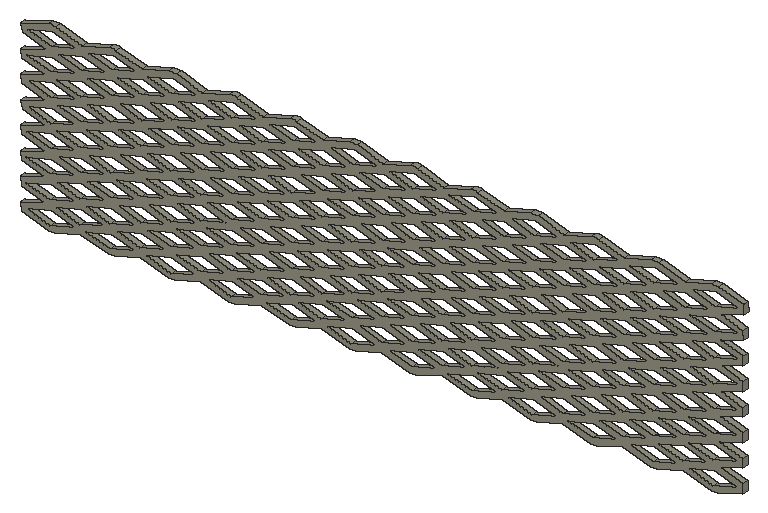
Revit family "Construction_Roof-Accessories_Alpine-SnowGuards_PP98-Ice-Screen", category Specialty Equipment, Revit 2019
Family settings
  Round Connector Dimension = Use Diameter
  Part Type = Normal
  OmniClass Number = 23.35.20.31.27.14
  OmniClass Title = Snow Guards
  Work Plane-Based = Yes
  Always vertical = No
  Cut with Voids When Loaded = No
  Shared = No
  Room Calculation Point = No
Parameters (values of type "PP98")
  URL = "https://www.alpinesnowguards.com/pipe-style-accessories-page?utm_source=bimobject&utm_medium=productlisting&utm_campaign=2022marketing"
  Product data url = "https://www.bimobject.com/alpine-snowguards/product/pipe-style-snow-guard-accessories"
  Product Material [instance] = Alpine SnowGuards - Aluminium - Mill Finish
  Product Guid = "61fc9796-3cde-4d78-8ab7-833e68d74063"
  Pipe Outside Diameter [instance] = 1"
  Model = "PP98"
  Manufacturer = "Alpine SnowGuards"  # constant formula
  Keynote = "07720"
  Edition number = 1
  Description = "Pipe Style Snow Guard Accessories- PP98 Ice Screen"  # constant formula
  Default Elevation = 48"
  Assembly Code = "B3010"
Reference planes (in)
  plane 1 "Center (Front/Back)": y = 0
  plane 2: z = 0
  plane 3 "Center (Left/Right)": x = 0
  plane 4: x = 36.63918
  plane 5: x = 18.31959
Forms (in)
  Extrusion 1, solid, material "Alpine SnowGuards - Aluminium - Mill Finish" <- "Product Material", detail levels fine
    sketch origin (0, 0, 0) x (1, 0, 0) y (0, 0, 1)
      loop
        line (-11.1362, 5.07605) -> (-11.9991, 4.80301) -> (-11.93813, 4.55164) -> (-11.13961, 4.31286) -> (-11.99782, 4.0413) -> (-11.94136, 3.7878) -> (-11.15169, 3.54967) -> (-11.96813, 3.29133) -> (-11.93039, 3.02732) -> (-11.16663, 2.79016) -> (-11.9991, 2.52675) -> (-11.94469, 2.26795) -> (-11.16717, 2.03062) -> (-11.9991, 1.76738) -> (-11.95362, 1.50804) -> (-11.17058, 1.26743) -> (-11.9991, 1.00527) -> (-11.95749, 0.74364) -> (-11.18266, 0.50424) -> (-11.9991, 0.2459) -> (-11.96136, -0.01811) -> (-11.06857, -0.28564) -> (-10.87122, -0.27567) -> (-9.99915, -0.02362) -> (-9.06857, -0.28564) -> (-8.87122, -0.27567) -> (-7.99915, -0.02362) -> (-7.06857, -0.28564) -> (-6.87122, -0.27567) -> (-5.99915, -0.02362) -> (-5.06857, -0.28564) -> (-4.87122, -0.27567) -> (-3.99915, -0.02362) -> (-3.06857, -0.28564) -> (-2.87122, -0.27567) -> (-1.99915, -0.02362) -> (-1.06857, -0.28564) -> (-0.87122, -0.27567) -> (0.00085, -0.02362) -> (0.93143, -0.28564) -> (1.12878, -0.27567) -> (2.00085, -0.02362) -> (2.93143, -0.28564) -> (3.12878, -0.27567) -> (4.00085, -0.02362) -> (4.93143, -0.28564) -> (5.12878, -0.27567) -> (6.00085, -0.02362) -> (6.93143, -0.28564) -> (7.12878, -0.27567) -> (8.00085, -0.02362) -> (8.93143, -0.28564) -> (9.12878, -0.27567) -> (10.00085, -0.02362) -> (10.93143, -0.28564) -> (11.12878, -0.27567) -> (11.96311, -0.01813) -> (11.96088, 0.26529) -> (11.1927, 0.50392) -> (11.96698, 0.74363) -> (11.96475, 1.02717) -> (11.19611, 1.26711) -> (11.97085, 1.50803) -> (11.96862, 1.79191) -> (11.20819, 2.0303) -> (11.97472, 2.26955) -> (11.9725, 2.55402) -> (11.22313, 2.78981) -> (11.97859, 3.02639) -> (11.97637, 3.31166) -> (11.22367, 3.54935) -> (11.98246, 3.78769) -> (11.98024, 4.07399) -> (11.22708, 4.31254) -> (11.98634, 4.55163) -> (11.98411, 4.8392) -> (11.23916, 5.07573) -> (11.99021, 5.31269) -> (11.98798, 5.60177) -> (11.18471, 5.85738)
        arc (11.18471, 5.85738) -> (11.05902, 5.87596) -> (10.93333, 5.85742) r 0.435
        line (10.93333, 5.85742) -> (10.03533, 5.602) -> (9.18471, 5.85738)
        arc (9.18471, 5.85738) -> (9.05902, 5.87596) -> (8.93333, 5.85742) r 0.435
        line (8.93333, 5.85742) -> (8.03533, 5.602) -> (7.18471, 5.85738)
        arc (7.18471, 5.85738) -> (7.05902, 5.87596) -> (6.93333, 5.85742) r 0.435
        line (6.93333, 5.85742) -> (6.03533, 5.602) -> (5.18471, 5.85738)
        arc (5.18471, 5.85738) -> (5.05902, 5.87596) -> (4.93333, 5.85742) r 0.435
        line (4.93333, 5.85742) -> (4.03533, 5.602) -> (3.18471, 5.85738)
        arc (3.18471, 5.85738) -> (3.05902, 5.87596) -> (2.93333, 5.85742) r 0.435
        line (2.93333, 5.85742) -> (2.03533, 5.602) -> (1.18471, 5.85738)
        arc (1.18471, 5.85738) -> (1.05902, 5.87596) -> (0.93333, 5.85742) r 0.435
        line (0.93333, 5.85742) -> (0.03533, 5.602) -> (-0.81529, 5.85738)
        arc (-0.81529, 5.85738) -> (-0.94098, 5.87596) -> (-1.06667, 5.85742) r 0.435
        line (-1.06667, 5.85742) -> (-1.96467, 5.602) -> (-2.81529, 5.85738)
        arc (-2.81529, 5.85738) -> (-2.94098, 5.87596) -> (-3.06667, 5.85742) r 0.435
        line (-3.06667, 5.85742) -> (-3.96467, 5.602) -> (-4.81529, 5.85738)
        arc (-4.81529, 5.85738) -> (-4.94098, 5.87596) -> (-5.06667, 5.85742) r 0.435
        line (-5.06667, 5.85742) -> (-5.96467, 5.602) -> (-6.81529, 5.85738)
        arc (-6.81529, 5.85738) -> (-6.94098, 5.87596) -> (-7.06667, 5.85742) r 0.435
        line (-7.06667, 5.85742) -> (-7.96467, 5.602) -> (-8.81529, 5.85738)
        arc (-8.81529, 5.85738) -> (-8.94098, 5.87596) -> (-9.06667, 5.85742) r 0.435
        line (-9.06667, 5.85742) -> (-9.96467, 5.602) -> (-10.81529, 5.85738)
        arc (-10.81529, 5.85738) -> (-10.94098, 5.87596) -> (-11.06667, 5.85742) r 0.435
        line (-11.06667, 5.85742) -> (-11.9991, 5.56238) -> (-11.9292, 5.31109) -> (-11.1362, 5.07605)
      loop
        line (-10.94108, 5.69496) -> (-11.76972, 5.45665) -> (-10.96854, 5.21704) -> (-10.11958, 5.45694) -> (-10.94108, 5.69496)
      loop
        line (-8.94108, 5.69496) -> (-9.76972, 5.45665) -> (-8.96854, 5.21704) -> (-8.11958, 5.45694) -> (-8.94108, 5.69496)
      loop
        line (-6.94108, 5.69496) -> (-7.76972, 5.45665) -> (-6.96854, 5.21704) -> (-6.11958, 5.45694) -> (-6.94108, 5.69496)
      loop
        line (-5.76972, 5.45665) -> (-4.96854, 5.21704) -> (-4.11958, 5.45694) -> (-4.94108, 5.69496) -> (-5.76972, 5.45665)
      loop
        line (-2.94108, 5.69496) -> (-3.76972, 5.45665) -> (-2.96854, 5.21704) -> (-2.11958, 5.45694) -> (-2.94108, 5.69496)
      loop
        line (-1.76972, 5.45665) -> (-0.96854, 5.21704) -> (-0.11958, 5.45694) -> (-0.94108, 5.69496) -> (-1.76972, 5.45665)
      loop
        line (0.23028, 5.45665) -> (1.03146, 5.21704) -> (1.88042, 5.45694) -> (1.05892, 5.69496) -> (0.23028, 5.45665)
      loop
        line (3.05892, 5.69496) -> (2.23028, 5.45665) -> (3.03146, 5.21704) -> (3.88042, 5.45694) -> (3.05892, 5.69496)
      loop
        line (4.23028, 5.45665) -> (5.03146, 5.21704) -> (5.88042, 5.45694) -> (5.05892, 5.69496) -> (4.23028, 5.45665)
      loop
        line (6.23028, 5.45665) -> (7.03146, 5.21704) -> (7.88042, 5.45694) -> (7.05892, 5.69496) -> (6.23028, 5.45665)
      loop
        line (8.23028, 5.45665) -> (9.03146, 5.21704) -> (9.88042, 5.45694) -> (9.05892, 5.69496) -> (8.23028, 5.45665)
      loop
        line (10.23028, 5.45665) -> (11.03146, 5.21704) -> (11.88042, 5.45694) -> (11.05892, 5.69496) -> (10.23028, 5.45665)
      loop
        line (11.05118, 4.93315) -> (10.22254, 4.69484) -> (11.02372, 4.45523) -> (11.87268, 4.69513) -> (11.05118, 4.93315)
      loop
        line (9.23916, 5.07573) -> (10.02759, 4.84019) -> (10.8638, 5.07605) -> (10.05505, 5.31001) -> (9.23916, 5.07573)
      loop
        line (8.05505, 5.31001) -> (7.23916, 5.07573) -> (8.02759, 4.84019) -> (8.8638, 5.07605) -> (8.05505, 5.31001)
      loop
        line (6.05505, 5.31001) -> (5.23916, 5.07573) -> (6.02759, 4.84019) -> (6.8638, 5.07605) -> (6.05505, 5.31001)
      loop
        line (4.05505, 5.31001) -> (3.23916, 5.07573) -> (4.02759, 4.84019) -> (4.8638, 5.07605) -> (4.05505, 5.31001)
      loop
        line (1.23916, 5.07573) -> (2.02759, 4.84019) -> (2.8638, 5.07605) -> (2.05505, 5.31001) -> (1.23916, 5.07573)
      loop
        line (0.05505, 5.31001) -> (-0.76084, 5.07573) -> (0.02759, 4.84019) -> (0.8638, 5.07605) -> (0.05505, 5.31001)
      loop
        line (-1.94495, 5.31001) -> (-2.76084, 5.07573) -> (-1.97241, 4.84019) -> (-1.1362, 5.07605) -> (-1.94495, 5.31001)
      loop
        line (-3.94495, 5.31001) -> (-4.76084, 5.07573) -> (-3.97241, 4.84019) -> (-3.1362, 5.07605) -> (-3.94495, 5.31001)
      loop
        line (-5.94495, 5.31001) -> (-6.76084, 5.07573) -> (-5.97241, 4.84019) -> (-5.1362, 5.07605) -> (-5.94495, 5.31001)
      loop
        line (-7.94495, 5.31001) -> (-8.76084, 5.07573) -> (-7.97241, 4.84019) -> (-7.1362, 5.07605) -> (-7.94495, 5.31001)
      loop
        line (-9.94495, 5.31001) -> (-10.76084, 5.07573) -> (-9.97241, 4.84019) -> (-9.1362, 5.07605) -> (-9.94495, 5.31001)
      loop
        line (-10.94882, 4.93315) -> (-11.77746, 4.69484) -> (-10.97628, 4.45523) -> (-10.12732, 4.69513) -> (-10.94882, 4.93315)
      loop
        line (-9.95269, 4.54819) -> (-10.77292, 4.31254) -> (-9.98015, 4.07562) -> (-9.13961, 4.31286) -> (-9.95269, 4.54819)
      loop
        line (-9.77746, 4.69484) -> (-8.97628, 4.45523) -> (-8.12732, 4.69513) -> (-8.94882, 4.93315) -> (-9.77746, 4.69484)
      loop
        line (-8.77292, 4.31254) -> (-7.98015, 4.07562) -> (-7.13961, 4.31286) -> (-7.95269, 4.54819) -> (-8.77292, 4.31254)
      loop
        line (-6.12732, 4.69513) -> (-6.94882, 4.93315) -> (-7.77746, 4.69484) -> (-6.97628, 4.45523) -> (-6.12732, 4.69513)
      loop
        line (-4.97628, 4.45523) -> (-4.12732, 4.69513) -> (-4.94882, 4.93315) -> (-5.77746, 4.69484) -> (-4.97628, 4.45523)
      loop
        line (-2.97628, 4.45523) -> (-2.12732, 4.69513) -> (-2.94882, 4.93315) -> (-3.77746, 4.69484) -> (-2.97628, 4.45523)
      loop
        line (-3.98015, 4.07562) -> (-3.13961, 4.31286) -> (-3.95269, 4.54819) -> (-4.77292, 4.31254) -> (-3.98015, 4.07562)
      loop
        line (-5.7852, 3.93027) -> (-4.98402, 3.69066) -> (-4.13507, 3.93056) -> (-4.95656, 4.16858) -> (-5.7852, 3.93027)
      loop
        line (-5.13961, 4.31286) -> (-5.95269, 4.54819) -> (-6.77292, 4.31254) -> (-5.98015, 4.07562) -> (-5.13961, 4.31286)
      loop
        line (-6.95656, 4.16858) -> (-7.7852, 3.93027) -> (-6.98402, 3.69066) -> (-6.13507, 3.93056) -> (-6.95656, 4.16858)
      loop
        line (-8.95656, 4.16858) -> (-9.7852, 3.93027) -> (-8.98402, 3.69066) -> (-8.13507, 3.93056) -> (-8.95656, 4.16858)
      loop
        line (-10.13507, 3.93056) -> (-10.95656, 4.16858) -> (-11.7852, 3.93027) -> (-10.98402, 3.69066) -> (-10.13507, 3.93056)
      loop
        line (-9.9879, 3.31381) -> (-9.15169, 3.54967) -> (-9.96043, 3.78363) -> (-10.77633, 3.54935) -> (-9.9879, 3.31381)
      loop
        line (-10.14281, 3.16875) -> (-10.96431, 3.40677) -> (-11.79295, 3.16846) -> (-10.99177, 2.92885) -> (-10.14281, 3.16875)
      loop
        line (-9.16663, 2.79016) -> (-9.96818, 3.02181) -> (-10.77687, 2.78981) -> (-9.99564, 2.55657) -> (-9.16663, 2.79016)
      loop
        line (-8.14281, 3.16875) -> (-8.96431, 3.40677) -> (-9.79295, 3.16846) -> (-8.99177, 2.92885) -> (-8.14281, 3.16875)
      loop
        line (-7.15169, 3.54967) -> (-7.96043, 3.78363) -> (-8.77633, 3.54935) -> (-7.9879, 3.31381) -> (-7.15169, 3.54967)
      loop
        line (-5.9879, 3.31381) -> (-5.15169, 3.54967) -> (-5.96043, 3.78363) -> (-6.77633, 3.54935) -> (-5.9879, 3.31381)
      loop
        line (-6.14281, 3.16875) -> (-6.96431, 3.40677) -> (-7.79295, 3.16846) -> (-6.99177, 2.92885) -> (-6.14281, 3.16875)
      loop
        line (-8.77687, 2.78981) -> (-7.99564, 2.55657) -> (-7.16663, 2.79016) -> (-7.96818, 3.02181) -> (-8.77687, 2.78981)
      loop
        line (-8.97205, 2.64953) -> (-9.80069, 2.41122) -> (-8.99951, 2.17161) -> (-8.15055, 2.41151) -> (-8.97205, 2.64953)
      loop
        line (-10.79181, 2.0303) -> (-10.00338, 1.79476) -> (-9.16717, 2.03062) -> (-9.97592, 2.26457) -> (-10.79181, 2.0303)
      loop
        line (-10.15055, 2.41151) -> (-10.97205, 2.64953) -> (-11.80069, 2.41122) -> (-10.99951, 2.17161) -> (-10.15055, 2.41151)
      loop
        line (-10.1583, 1.6497) -> (-10.97979, 1.88772) -> (-11.80843, 1.64941) -> (-11.00725, 1.4098) -> (-10.1583, 1.6497)
      loop
        line (-10.98754, 1.12315) -> (-11.81618, 0.88484) -> (-11.015, 0.64523) -> (-10.16604, 0.88513) -> (-10.98754, 1.12315)
      loop
        line (-9.17058, 1.26743) -> (-9.98366, 1.50276) -> (-10.80389, 1.26711) -> (-10.01113, 1.03019) -> (-9.17058, 1.26743)
      loop
        line (-9.015, 0.64523) -> (-8.16604, 0.88513) -> (-8.98754, 1.12315) -> (-9.81618, 0.88484) -> (-9.015, 0.64523)
      loop
        line (-9.18266, 0.50424) -> (-9.99141, 0.73819) -> (-10.8073, 0.50392) -> (-10.01887, 0.26838) -> (-9.18266, 0.50424)
      loop
        line (-10.99528, 0.36134) -> (-11.82392, 0.12303) -> (-11.02274, -0.11658) -> (-10.17378, 0.12332) -> (-10.99528, 0.36134)
      loop
        line (-8.99528, 0.36134) -> (-9.82392, 0.12303) -> (-9.02274, -0.11658) -> (-8.17378, 0.12332) -> (-8.99528, 0.36134)
      loop
        line (-7.18266, 0.50424) -> (-7.99141, 0.73819) -> (-8.8073, 0.50392) -> (-8.01887, 0.26838) -> (-7.18266, 0.50424)
      loop
        line (-6.16604, 0.88513) -> (-6.98754, 1.12315) -> (-7.81618, 0.88484) -> (-7.015, 0.64523) -> (-6.16604, 0.88513)
      loop
        line (-7.17058, 1.26743) -> (-7.98366, 1.50276) -> (-8.80389, 1.26711) -> (-8.01113, 1.03019) -> (-7.17058, 1.26743)
      loop
        line (-8.97979, 1.88772) -> (-9.80843, 1.64941) -> (-9.00725, 1.4098) -> (-8.1583, 1.6497) -> (-8.97979, 1.88772)
      loop
        line (-7.97592, 2.26457) -> (-8.79181, 2.0303) -> (-8.00338, 1.79476) -> (-7.16717, 2.03062) -> (-7.97592, 2.26457)
      loop
        line (-6.15055, 2.41151) -> (-6.97205, 2.64953) -> (-7.80069, 2.41122) -> (-6.99951, 2.17161) -> (-6.15055, 2.41151)
      loop
        line (-5.16663, 2.79016) -> (-5.96818, 3.02181) -> (-6.77687, 2.78981) -> (-5.99564, 2.55657) -> (-5.16663, 2.79016)
      loop
        line (-4.97979, 1.88772) -> (-5.80843, 1.64941) -> (-5.00725, 1.4098) -> (-4.1583, 1.6497) -> (-4.97979, 1.88772)
      loop
        line (-5.16717, 2.03062) -> (-5.97592, 2.26457) -> (-6.79181, 2.0303) -> (-6.00338, 1.79476) -> (-5.16717, 2.03062)
      loop
        line (-6.97979, 1.88772) -> (-7.80843, 1.64941) -> (-7.00725, 1.4098) -> (-6.1583, 1.6497) -> (-6.97979, 1.88772)
      loop
        line (-5.98366, 1.50276) -> (-6.80389, 1.26711) -> (-6.01113, 1.03019) -> (-5.17058, 1.26743) -> (-5.98366, 1.50276)
      loop
        line (-6.8073, 0.50392) -> (-6.01887, 0.26838) -> (-5.18266, 0.50424) -> (-5.99141, 0.73819) -> (-6.8073, 0.50392)
      loop
        line (-7.82392, 0.12303) -> (-7.00278, -0.13899) -> (-6.17378, 0.12332) -> (-6.99528, 0.36134) -> (-7.82392, 0.12303)
      loop
        line (-4.99528, 0.36134) -> (-5.82392, 0.12303) -> (-5.02274, -0.11658) -> (-4.17378, 0.12332) -> (-4.99528, 0.36134)
      loop
        line (-4.8073, 0.50392) -> (-4.01887, 0.26838) -> (-3.18266, 0.50424) -> (-3.99141, 0.73819) -> (-4.8073, 0.50392)
      loop
        line (-5.81618, 0.88484) -> (-5.015, 0.64523) -> (-4.16604, 0.88513) -> (-4.98754, 1.12315) -> (-5.81618, 0.88484)
      loop
        line (-5.79295, 3.16846) -> (-4.99177, 2.92885) -> (-4.14281, 3.16875) -> (-4.96431, 3.40677) -> (-5.79295, 3.16846)
      loop
        line (-5.80069, 2.41122) -> (-4.99951, 2.17161) -> (-4.15055, 2.41151) -> (-4.97205, 2.64953) -> (-5.80069, 2.41122)
      loop
        line (-4.79181, 2.0303) -> (-4.00338, 1.79476) -> (-3.16717, 2.03062) -> (-3.97592, 2.26457) -> (-4.79181, 2.0303)
      loop
        line (-4.80389, 1.26711) -> (-4.01113, 1.03019) -> (-3.17058, 1.26743) -> (-3.98366, 1.50276) -> (-4.80389, 1.26711)
      loop
        line (-3.81618, 0.88484) -> (-3.015, 0.64523) -> (-2.16604, 0.88513) -> (-2.98754, 1.12315) -> (-3.81618, 0.88484)
      loop
        line (-3.82392, 0.12303) -> (-3.02274, -0.11658) -> (-2.17378, 0.12332) -> (-2.99528, 0.36134) -> (-3.82392, 0.12303)
      loop
        line (-1.18266, 0.50424) -> (-1.99141, 0.73819) -> (-2.8073, 0.50392) -> (-2.01887, 0.26838) -> (-1.18266, 0.50424)
      loop
        line (-1.82392, 0.12303) -> (-1.02274, -0.11658) -> (-0.17378, 0.12332) -> (-0.99528, 0.36134) -> (-1.82392, 0.12303)
      loop
        line (-0.16604, 0.88513) -> (-0.98754, 1.12315) -> (-1.81618, 0.88484) -> (-1.015, 0.64523) -> (-0.16604, 0.88513)
      loop
        line (-1.17058, 1.26743) -> (-1.98366, 1.50276) -> (-2.80389, 1.26711) -> (-2.01113, 1.03019) -> (-1.17058, 1.26743)
      loop
        line (-2.1583, 1.6497) -> (-2.97979, 1.88772) -> (-3.80843, 1.64941) -> (-3.00725, 1.4098) -> (-2.1583, 1.6497)
      loop
        line (-1.16717, 2.03062) -> (-1.97592, 2.26457) -> (-2.79181, 2.0303) -> (-2.00338, 1.79476) -> (-1.16717, 2.03062)
      loop
        line (-2.15055, 2.41151) -> (-2.97205, 2.64953) -> (-3.80069, 2.41122) -> (-2.99951, 2.17161) -> (-2.15055, 2.41151)
      loop
        line (-3.16663, 2.79016) -> (-3.96818, 3.02181) -> (-4.77687, 2.78981) -> (-3.99564, 2.55657) -> (-3.16663, 2.79016)
      loop
        line (-3.15169, 3.54967) -> (-3.96043, 3.78363) -> (-4.77633, 3.54935) -> (-3.9879, 3.31381) -> (-3.15169, 3.54967)
      loop
        line (-2.13507, 3.93056) -> (-2.95656, 4.16858) -> (-3.7852, 3.93027) -> (-2.98402, 3.69066) -> (-2.13507, 3.93056)
      loop
        line (-3.79295, 3.16846) -> (-2.99177, 2.92885) -> (-2.14281, 3.16875) -> (-2.96431, 3.40677) -> (-3.79295, 3.16846)
      loop
        line (-1.13961, 4.31286) -> (-1.95269, 4.54819) -> (-2.77292, 4.31254) -> (-1.98015, 4.07562) -> (-1.13961, 4.31286)
      loop
        line (-1.96043, 3.78363) -> (-2.77633, 3.54935) -> (-1.9879, 3.31381) -> (-1.15169, 3.54967) -> (-1.96043, 3.78363)
      loop
        line (-2.77687, 2.78981) -> (-1.99564, 2.55657) -> (-1.16663, 2.79016) -> (-1.96818, 3.02181) -> (-2.77687, 2.78981)
      loop
        line (-0.15055, 2.41151) -> (-0.97205, 2.64953) -> (-1.80069, 2.41122) -> (-0.99951, 2.17161) -> (-0.15055, 2.41151)
      loop
        line (-0.14281, 3.16875) -> (-0.96431, 3.40677) -> (-1.79295, 3.16846) -> (-0.99177, 2.92885) -> (-0.14281, 3.16875)
      loop
        line (-0.13507, 3.93056) -> (-0.95656, 4.16858) -> (-1.7852, 3.93027) -> (-0.98402, 3.69066) -> (-0.13507, 3.93056)
      loop
        line (-0.12732, 4.69513) -> (-0.94882, 4.93315) -> (-1.77746, 4.69484) -> (-0.97628, 4.45523) -> (-0.12732, 4.69513)
      loop
        line (0.86039, 4.31286) -> (0.04731, 4.54819) -> (-0.77292, 4.31254) -> (0.01985, 4.07562) -> (0.86039, 4.31286)
      loop
        line (0.84831, 3.54967) -> (0.03957, 3.78363) -> (-0.77633, 3.54935) -> (0.0121, 3.31381) -> (0.84831, 3.54967)
      loop
        line (0.83337, 2.79016) -> (0.03182, 3.02181) -> (-0.77687, 2.78981) -> (0.00436, 2.55657) -> (0.83337, 2.79016)
      loop
        line (0.02408, 2.26457) -> (-0.79181, 2.0303) -> (-0.00338, 1.79476) -> (0.83283, 2.03062) -> (0.02408, 2.26457)
      loop
        line (-0.1583, 1.6497) -> (-0.97979, 1.88772) -> (-1.80843, 1.64941) -> (-1.00725, 1.4098) -> (-0.1583, 1.6497)
      loop
        line (0.82942, 1.26743) -> (0.01634, 1.50276) -> (-0.80389, 1.26711) -> (-0.01113, 1.03019) -> (0.82942, 1.26743)
      loop
        line (0.00859, 0.73819) -> (-0.8073, 0.50392) -> (-0.01887, 0.26838) -> (0.81734, 0.50424) -> (0.00859, 0.73819)
      loop
        line (1.83396, 0.88513) -> (1.01246, 1.12315) -> (0.18382, 0.88484) -> (0.985, 0.64523) -> (1.83396, 0.88513)
      loop
        line (1.00472, 0.36134) -> (0.17608, 0.12303) -> (0.97726, -0.11658) -> (1.82622, 0.12332) -> (1.00472, 0.36134)
      loop
        line (1.8417, 1.6497) -> (1.02021, 1.88772) -> (0.19157, 1.64941) -> (0.99275, 1.4098) -> (1.8417, 1.6497)
      loop
        line (1.84945, 2.41151) -> (1.02795, 2.64953) -> (0.19931, 2.41122) -> (1.00049, 2.17161) -> (1.84945, 2.41151)
      loop
        line (1.85719, 3.16875) -> (1.03569, 3.40677) -> (0.20705, 3.16846) -> (1.00823, 2.92885) -> (1.85719, 3.16875)
      loop
        line (1.86493, 3.93056) -> (1.04344, 4.16858) -> (0.2148, 3.93027) -> (1.01598, 3.69066) -> (1.86493, 3.93056)
      loop
        line (1.87268, 4.69513) -> (1.05118, 4.93315) -> (0.22254, 4.69484) -> (1.02372, 4.45523) -> (1.87268, 4.69513)
      loop
        line (2.04731, 4.54819) -> (1.22708, 4.31254) -> (2.01985, 4.07562) -> (2.86039, 4.31286) -> (2.04731, 4.54819)
      loop
        line (3.87268, 4.69513) -> (3.05118, 4.93315) -> (2.22254, 4.69484) -> (3.02372, 4.45523) -> (3.87268, 4.69513)
      loop
        line (3.04344, 4.16858) -> (2.2148, 3.93027) -> (3.01598, 3.69066) -> (3.86493, 3.93056) -> (3.04344, 4.16858)
      loop
        line (2.84831, 3.54967) -> (2.03993, 3.80763) -> (1.22367, 3.54935) -> (2.0121, 3.31381) -> (2.84831, 3.54967)
      loop
        line (1.22313, 2.78981) -> (2.00436, 2.55657) -> (2.83337, 2.79016) -> (2.03182, 3.02181) -> (1.22313, 2.78981)
      loop
        line (3.85719, 3.16875) -> (3.03569, 3.40677) -> (2.20705, 3.16846) -> (3.00823, 2.92885) -> (3.85719, 3.16875)
      loop
        line (3.02795, 2.64953) -> (2.19931, 2.41122) -> (3.00049, 2.17161) -> (3.84945, 2.41151) -> (3.02795, 2.64953)
      loop
        line (2.83283, 2.03062) -> (2.02444, 2.28858) -> (1.20819, 2.0303) -> (1.99662, 1.79476) -> (2.83283, 2.03062)
      loop
        line (2.82942, 1.26743) -> (2.01634, 1.50276) -> (1.19611, 1.26711) -> (1.98887, 1.03019) -> (2.82942, 1.26743)
      loop
        line (3.8417, 1.6497) -> (3.02021, 1.88772) -> (2.19157, 1.64941) -> (2.99275, 1.4098) -> (3.8417, 1.6497)
      loop
        line (2.81734, 0.50424) -> (2.00859, 0.73819) -> (1.1927, 0.50392) -> (1.98113, 0.26838) -> (2.81734, 0.50424)
      loop
        line (3.82622, 0.12332) -> (3.00472, 0.36134) -> (2.17608, 0.12303) -> (2.97726, -0.11658) -> (3.82622, 0.12332)
      loop
        line (3.83396, 0.88513) -> (3.01246, 1.12315) -> (2.18382, 0.88484) -> (2.985, 0.64523) -> (3.83396, 0.88513)
      loop
        line (4.81734, 0.50424) -> (4.00859, 0.73819) -> (3.1927, 0.50392) -> (3.98113, 0.26838) -> (4.81734, 0.50424)
      loop
        line (5.00472, 0.36134) -> (4.17608, 0.12303) -> (4.97726, -0.11658) -> (5.82622, 0.12332) -> (5.00472, 0.36134)
      loop
        line (5.83396, 0.88513) -> (5.01246, 1.12315) -> (4.18382, 0.88484) -> (4.985, 0.64523) -> (5.83396, 0.88513)
      loop
        line (4.82942, 1.26743) -> (4.01634, 1.50276) -> (3.19611, 1.26711) -> (3.98887, 1.03019) -> (4.82942, 1.26743)
      loop
        line (5.8417, 1.6497) -> (5.02021, 1.88772) -> (4.19157, 1.64941) -> (4.99275, 1.4098) -> (5.8417, 1.6497)
      loop
        line (4.83283, 2.03062) -> (4.02408, 2.26457) -> (3.20819, 2.0303) -> (3.99662, 1.79476) -> (4.83283, 2.03062)
      loop
        line (5.84945, 2.41151) -> (5.02795, 2.64953) -> (4.19931, 2.41122) -> (5.00049, 2.17161) -> (5.84945, 2.41151)
      loop
        line (4.83337, 2.79016) -> (4.03182, 3.02181) -> (3.22313, 2.78981) -> (4.00436, 2.55657) -> (4.83337, 2.79016)
      loop
        line (4.84831, 3.54967) -> (4.03957, 3.78363) -> (3.22367, 3.54935) -> (4.0121, 3.31381) -> (4.84831, 3.54967)
      loop
        line (4.86039, 4.31286) -> (4.04731, 4.54819) -> (3.22708, 4.31254) -> (4.01985, 4.07562) -> (4.86039, 4.31286)
      loop
        line (5.87268, 4.69513) -> (5.05118, 4.93315) -> (4.22254, 4.69484) -> (5.02372, 4.45523) -> (5.87268, 4.69513)
      loop
        line (5.86493, 3.93056) -> (5.04344, 4.16858) -> (4.2148, 3.93027) -> (5.01598, 3.69066) -> (5.86493, 3.93056)
      loop
        line (5.85719, 3.16875) -> (5.03569, 3.40677) -> (4.20705, 3.16846) -> (5.00823, 2.92885) -> (5.85719, 3.16875)
      loop
        line (6.84831, 3.54967) -> (6.03957, 3.78363) -> (5.22367, 3.54935) -> (6.0121, 3.31381) -> (6.84831, 3.54967)
      loop
        line (6.83337, 2.79016) -> (6.03182, 3.02181) -> (5.22313, 2.78981) -> (6.00436, 2.55657) -> (6.83337, 2.79016)
      loop
        line (6.83283, 2.03062) -> (6.02408, 2.26457) -> (5.20819, 2.0303) -> (5.99662, 1.79476) -> (6.83283, 2.03062)
      loop
        line (6.82942, 1.26743) -> (6.01634, 1.50276) -> (5.19611, 1.26711) -> (5.98887, 1.03019) -> (6.82942, 1.26743)
      loop
        line (6.81734, 0.50424) -> (6.00859, 0.73819) -> (5.1927, 0.50392) -> (5.98113, 0.26838) -> (6.81734, 0.50424)
      loop
        line (7.83396, 0.88513) -> (7.01246, 1.12315) -> (6.18382, 0.88484) -> (6.985, 0.64523) -> (7.83396, 0.88513)
      loop
        line (7.00472, 0.36134) -> (6.17608, 0.12303) -> (6.97726, -0.11658) -> (7.82622, 0.12332) -> (7.00472, 0.36134)
      loop
        line (7.8417, 1.6497) -> (7.02021, 1.88772) -> (6.19157, 1.64941) -> (6.99275, 1.4098) -> (7.8417, 1.6497)
      loop
        line (7.84945, 2.41151) -> (7.02795, 2.64953) -> (6.19931, 2.41122) -> (7.00049, 2.17161) -> (7.84945, 2.41151)
      loop
        line (7.85719, 3.16875) -> (7.03569, 3.40677) -> (6.20705, 3.16846) -> (7.00823, 2.92885) -> (7.85719, 3.16875)
      loop
        line (7.86493, 3.93056) -> (7.04344, 4.16858) -> (6.2148, 3.93027) -> (7.01598, 3.69066) -> (7.86493, 3.93056)
      loop
        line (6.86039, 4.31286) -> (6.04731, 4.54819) -> (5.22708, 4.31254) -> (6.01985, 4.07562) -> (6.86039, 4.31286)
      loop
        line (7.87268, 4.69513) -> (7.05118, 4.93315) -> (6.22254, 4.69484) -> (7.02372, 4.45523) -> (7.87268, 4.69513)
      loop
        line (8.86039, 4.31286) -> (8.04731, 4.54819) -> (7.22708, 4.31254) -> (8.01985, 4.07562) -> (8.86039, 4.31286)
      loop
        line (8.84831, 3.54967) -> (8.03957, 3.78363) -> (7.22367, 3.54935) -> (8.0121, 3.31381) -> (8.84831, 3.54967)
      loop
        line (8.83337, 2.79016) -> (8.03182, 3.02181) -> (7.22313, 2.78981) -> (8.00436, 2.55657) -> (8.83337, 2.79016)
      loop
        line (8.83283, 2.03062) -> (8.02408, 2.26457) -> (7.20819, 2.0303) -> (7.99662, 1.79476) -> (8.83283, 2.03062)
      loop
        line (8.82942, 1.26743) -> (8.01634, 1.50276) -> (7.19611, 1.26711) -> (7.98887, 1.03019) -> (8.82942, 1.26743)
      loop
        line (8.81734, 0.50424) -> (8.00859, 0.73819) -> (7.1927, 0.50392) -> (7.98113, 0.26838) -> (8.81734, 0.50424)
      loop
        line (9.82622, 0.12332) -> (9.00472, 0.36134) -> (8.17608, 0.12303) -> (8.97726, -0.11658) -> (9.82622, 0.12332)
      loop
        line (9.83396, 0.88513) -> (9.01246, 1.12315) -> (8.18382, 0.88484) -> (8.985, 0.64523) -> (9.83396, 0.88513)
      loop
        line (9.8417, 1.6497) -> (9.02021, 1.88772) -> (8.19157, 1.64941) -> (8.99275, 1.4098) -> (9.8417, 1.6497)
      loop
        line (9.84945, 2.41151) -> (9.02795, 2.64953) -> (8.19931, 2.41122) -> (9.00049, 2.17161) -> (9.84945, 2.41151)
      loop
        line (9.85719, 3.16875) -> (9.03569, 3.40677) -> (8.20705, 3.16846) -> (9.00823, 2.92885) -> (9.85719, 3.16875)
      loop
        line (9.86493, 3.93056) -> (9.04344, 4.16858) -> (8.2148, 3.93027) -> (9.01598, 3.69066) -> (9.86493, 3.93056)
      loop
        line (9.87268, 4.69513) -> (9.05118, 4.93315) -> (8.22254, 4.69484) -> (9.02372, 4.45523) -> (9.87268, 4.69513)
      loop
        line (10.86039, 4.31286) -> (10.04731, 4.54819) -> (9.22708, 4.31254) -> (10.01985, 4.07562) -> (10.86039, 4.31286)
      loop
        line (10.84831, 3.54967) -> (10.03957, 3.78363) -> (9.22367, 3.54935) -> (10.0121, 3.31381) -> (10.84831, 3.54967)
      loop
        line (10.83337, 2.79016) -> (10.03182, 3.02181) -> (9.22313, 2.78981) -> (10.00436, 2.55657) -> (10.83337, 2.79016)
      loop
        line (10.83283, 2.03062) -> (10.02408, 2.26457) -> (9.20819, 2.0303) -> (9.99662, 1.79476) -> (10.83283, 2.03062)
      loop
        line (10.82942, 1.26743) -> (10.01634, 1.50276) -> (9.19611, 1.26711) -> (9.98887, 1.03019) -> (10.82942, 1.26743)
      loop
        line (10.81734, 0.50424) -> (10.00859, 0.73819) -> (9.1927, 0.50392) -> (9.98113, 0.26838) -> (10.81734, 0.50424)
      loop
        line (11.82622, 0.12332) -> (11.00472, 0.36134) -> (10.17608, 0.12303) -> (10.97726, -0.11658) -> (11.82622, 0.12332)
      loop
        line (11.83396, 0.88513) -> (11.01246, 1.12315) -> (10.18382, 0.88484) -> (10.985, 0.64523) -> (11.83396, 0.88513)
      loop
        line (11.8417, 1.6497) -> (11.02021, 1.88772) -> (10.19157, 1.64941) -> (10.99275, 1.4098) -> (11.8417, 1.6497)
      loop
        line (11.84945, 2.41151) -> (11.02795, 2.64953) -> (10.19931, 2.41122) -> (11.00049, 2.17161) -> (11.84945, 2.41151)
      loop
        line (11.85719, 3.16875) -> (11.03569, 3.40677) -> (10.20705, 3.16846) -> (11.00823, 2.92885) -> (11.85719, 3.16875)
      loop
        line (11.86493, 3.93056) -> (11.04344, 4.16858) -> (10.2148, 3.93027) -> (11.01598, 3.69066) -> (11.86493, 3.93056)
    from 0 to -0.2
  Extrusion 2, solid, material "Alpine SnowGuards - Aluminium - Mill Finish" <- "Product Material", detail levels coarse+medium
    sketch origin (0, 0, 0) x (1, 0, 0) y (0, 0, 1)
      loop
        line (-11.06667, 5.85742) -> (-11.9991, 5.56238) -> (-11.9292, 5.31109) -> (-11.1362, 5.07605) -> (-11.9991, 4.80301) -> (-11.93813, 4.55164) -> (-11.13961, 4.31286) -> (-11.99782, 4.0413) -> (-11.94136, 3.7878) -> (-11.15169, 3.54967) -> (-11.96813, 3.29133) -> (-11.93039, 3.02732) -> (-11.16663, 2.79016) -> (-11.9991, 2.52675) -> (-11.94469, 2.26795) -> (-11.16717, 2.03062) -> (-11.9991, 1.76738) -> (-11.95362, 1.50804) -> (-11.17058, 1.26743) -> (-11.9991, 1.00527) -> (-11.95749, 0.74364) -> (-11.18266, 0.50424) -> (-11.9991, 0.2459) -> (-11.96136, -0.01811) -> (-11.06857, -0.28564) -> (-10.87122, -0.27567) -> (-9.99915, -0.02362) -> (-9.06857, -0.28564) -> (-8.87122, -0.27567) -> (-7.99915, -0.02362) -> (-7.06857, -0.28564) -> (-6.87122, -0.27567) -> (-5.99915, -0.02362) -> (-5.06857, -0.28564) -> (-4.87122, -0.27567) -> (-3.99915, -0.02362) -> (-3.06857, -0.28564) -> (-2.87122, -0.27567) -> (-1.99915, -0.02362) -> (-1.06857, -0.28564) -> (-0.87122, -0.27567) -> (0.00085, -0.02362) -> (0.93143, -0.28564) -> (1.12878, -0.27567) -> (2.00085, -0.02362) -> (2.93143, -0.28564) -> (3.12878, -0.27567) -> (4.00085, -0.02362) -> (4.93143, -0.28564) -> (5.12878, -0.27567) -> (6.00085, -0.02362) -> (6.93143, -0.28564) -> (7.12878, -0.27567) -> (8.00085, -0.02362) -> (8.93143, -0.28564) -> (9.12878, -0.27567) -> (10.00085, -0.02362) -> (10.93143, -0.28564) -> (11.12878, -0.27567) -> (11.96311, -0.01813) -> (11.96088, 0.26529) -> (11.1927, 0.50392) -> (11.96698, 0.74363) -> (11.96475, 1.02717) -> (11.19611, 1.26711) -> (11.97085, 1.50803) -> (11.96862, 1.79191) -> (11.20819, 2.0303) -> (11.97472, 2.26955) -> (11.9725, 2.55402) -> (11.22313, 2.78981) -> (11.97859, 3.02639) -> (11.97637, 3.31166) -> (11.22367, 3.54935) -> (11.98246, 3.78769) -> (11.98024, 4.07399) -> (11.22708, 4.31254) -> (11.98634, 4.55163) -> (11.98411, 4.8392) -> (11.23916, 5.07573) -> (11.99021, 5.31269) -> (11.98798, 5.60177) -> (11.18471, 5.85738)
        arc (11.18471, 5.85738) -> (11.05902, 5.87596) -> (10.93333, 5.85742) r 0.435
        line (10.93333, 5.85742) -> (10.03533, 5.602) -> (9.18471, 5.85738)
        arc (9.18471, 5.85738) -> (9.05902, 5.87596) -> (8.93333, 5.85742) r 0.435
        line (8.93333, 5.85742) -> (8.03533, 5.602) -> (7.18471, 5.85738)
        arc (7.18471, 5.85738) -> (7.05902, 5.87596) -> (6.93333, 5.85742) r 0.435
        line (6.93333, 5.85742) -> (6.03533, 5.602) -> (5.18471, 5.85738)
        arc (5.18471, 5.85738) -> (5.05902, 5.87596) -> (4.93333, 5.85742) r 0.435
        line (4.93333, 5.85742) -> (4.03533, 5.602) -> (3.18471, 5.85738)
        arc (3.18471, 5.85738) -> (3.05902, 5.87596) -> (2.93333, 5.85742) r 0.435
        line (2.93333, 5.85742) -> (2.03533, 5.602) -> (1.18471, 5.85738)
        arc (1.18471, 5.85738) -> (1.05902, 5.87596) -> (0.93333, 5.85742) r 0.435
        line (0.93333, 5.85742) -> (0.03533, 5.602) -> (-0.81529, 5.85738)
        arc (-0.81529, 5.85738) -> (-0.94098, 5.87596) -> (-1.06667, 5.85742) r 0.435
        line (-1.06667, 5.85742) -> (-1.96467, 5.602) -> (-2.81529, 5.85738)
        arc (-2.81529, 5.85738) -> (-2.94098, 5.87596) -> (-3.06667, 5.85742) r 0.435
        line (-3.06667, 5.85742) -> (-3.96467, 5.602) -> (-4.81529, 5.85738)
        arc (-4.81529, 5.85738) -> (-4.94098, 5.87596) -> (-5.06667, 5.85742) r 0.435
        line (-5.06667, 5.85742) -> (-5.96467, 5.602) -> (-6.81529, 5.85738)
        arc (-6.81529, 5.85738) -> (-6.94098, 5.87596) -> (-7.06667, 5.85742) r 0.435
        line (-7.06667, 5.85742) -> (-7.96467, 5.602) -> (-8.81529, 5.85738)
        arc (-8.81529, 5.85738) -> (-8.94098, 5.87596) -> (-9.06667, 5.85742) r 0.435
        line (-9.06667, 5.85742) -> (-9.96467, 5.602) -> (-10.81529, 5.85738)
        arc (-10.81529, 5.85738) -> (-10.94098, 5.87596) -> (-11.06667, 5.85742) r 0.435
    from 0 to -0.2
Dimensions and locks (in)
  equal spacing: plane 3 "Center (Left/Right)", plane 5, plane 4
  plane 3 "Center (Left/Right)" to plane 4 = 36.63918"
  aligned and locked: level to plane 2
Automatic sketch dimensions
  level to Extrusion 1 sketch curve = 5.56238"
  Extrusion 1 sketch curve to plane 3 "Center (Left/Right)" = 11.9991"
  level to Extrusion 1 sketch curve = 4.80301"
  Extrusion 1 sketch curve to Extrusion 1 sketch curve = 0"  (x13)
  level to Extrusion 1 sketch curve = 2.52675"
  level to Extrusion 1 sketch curve = 0.2459"
  level to Extrusion 1 sketch curve = 1.76738"
  level to Extrusion 1 sketch curve = 1.00527"
  level to Extrusion 1 sketch curve = 4.0413"
  Extrusion 1 sketch curve to Extrusion 1 sketch curve = 0.00129"
  level to Extrusion 1 sketch curve = 3.29133"
  Extrusion 1 sketch curve to Extrusion 1 sketch curve = 0.02968"
  Extrusion 1 sketch curve to level = 0.01811"
  Extrusion 1 sketch curve to Extrusion 1 sketch curve = 0.03774"  (x2)
  level to Extrusion 1 sketch curve = 0.74364"
  Extrusion 1 sketch curve to Extrusion 1 sketch curve = 0.04161"
  level to Extrusion 1 sketch curve = 1.50804"
  Extrusion 1 sketch curve to Extrusion 1 sketch curve = 0.04549"
  level to Extrusion 1 sketch curve = 2.26795"
  Extrusion 1 sketch curve to Extrusion 1 sketch curve = 0.05441"
  level to Extrusion 1 sketch curve = 3.7878"
  Extrusion 1 sketch curve to Extrusion 1 sketch curve = 0.05646"
  level to Extrusion 1 sketch curve = 4.55164"
  Extrusion 1 sketch curve to Extrusion 1 sketch curve = 0.06097"
  level to Extrusion 1 sketch curve = 3.02732"
  level to Extrusion 1 sketch curve = 5.31109"
  Extrusion 1 sketch curve to Extrusion 1 sketch curve = 0.0699"
  level to Extrusion 1 sketch curve = 0.50424"  (x12)
  Extrusion 1 sketch curve to Extrusion 1 sketch curve = 0.77483"
  level to Extrusion 1 sketch curve = 1.26743"  (x10)
  Extrusion 1 sketch curve to Extrusion 1 sketch curve = 0.01208"  (x11)
  level to Extrusion 1 sketch curve = 2.03062"  (x8)
  Extrusion 1 sketch curve to Extrusion 1 sketch curve = 0.0034"  (x18)
  level to Extrusion 1 sketch curve = 2.79016"  (x6)
  Extrusion 1 sketch curve to Extrusion 1 sketch curve = 0.00055"  (x7)
  level to Extrusion 1 sketch curve = 3.54967"  (x5)
  Extrusion 1 sketch curve to Extrusion 1 sketch curve = 0.01494"  (x10)
  level to Extrusion 1 sketch curve = 4.31286"  (x3)
  level to Extrusion 1 sketch curve = 5.07605"
  Extrusion 1 sketch curve to level = 0.28564"  (x12)
  Extrusion 1 sketch curve to Extrusion 1 sketch curve = 0.1141"  (x5)
  Extrusion 1 sketch curve to Extrusion 1 sketch curve = 0.06953"
  Extrusion 1 sketch curve to Extrusion 1 sketch curve = 0.19517"
  Extrusion 1 sketch curve to level = 0.27567"  (x12)
  Extrusion 1 sketch curve to Extrusion 1 sketch curve = 0.19735"  (x12)
  level to Extrusion 1 sketch curve = 5.85738"
  Extrusion 1 sketch curve to Extrusion 1 sketch curve = 0.25138"  (x12)
  Extrusion 1 sketch curve to level = 0.02362"  (x11)
  Extrusion 1 sketch curve to Extrusion 1 sketch curve = 0.87207"  (x10)
  Extrusion 1 sketch curve to Extrusion 1 sketch curve = 0.85062"  (x10)
  Extrusion 1 sketch curve to Extrusion 1 sketch curve = 0.93058"  (x10)
  Extrusion 1 sketch curve to Extrusion 1 sketch curve = 0.898"  (x10)
  Extrusion 1 sketch curve to Extrusion 1 sketch curve = 0.12564"  (x11)
  plane 3 "Center (Left/Right)" to Extrusion 1 sketch curve = 0.00085"
  plane 3 "Center (Left/Right)" to Extrusion 1 sketch curve = 0.03533"
  plane 3 "Center (Left/Right)" to Extrusion 1 sketch curve = 0.93143"
  plane 3 "Center (Left/Right)" to Extrusion 1 sketch curve = 0.93333"
  level to Extrusion 1 sketch curve = 129/256"  (x11)
  Extrusion 1 sketch curve to Extrusion 1 sketch curve = 0.06392"
  level to Extrusion 1 sketch curve = 1.26711"  (x10)
  level to Extrusion 1 sketch curve = 2.0303"  (x8)
  level to Extrusion 1 sketch curve = 2.78981"  (x6)
  Extrusion 1 sketch curve to Extrusion 1 sketch curve = 0.18019"
  level to Extrusion 1 sketch curve = 0.26529"
  Extrusion 1 sketch curve to Extrusion 1 sketch curve = 0.76818"
  Extrusion 1 sketch curve to level = 0.01813"
  Extrusion 1 sketch curve to Extrusion 1 sketch curve = 0.00223"  (x8)
  level to Extrusion 1 sketch curve = 1.02717"
  Extrusion 1 sketch curve to Extrusion 1 sketch curve = 0.00387"  (x7)
  level to Extrusion 1 sketch curve = 0.74363"
  level to Extrusion 1 sketch curve = 1.79191"
  level to Extrusion 1 sketch curve = 1.50803"
  level to Extrusion 1 sketch curve = 2.55402"
  level to Extrusion 1 sketch curve = 2.26955"
  level to Extrusion 1 sketch curve = 3.02639"
  Extrusion 1 sketch curve to Extrusion 1 sketch curve = 0.28527"
  Extrusion 1 sketch curve to Extrusion 1 sketch curve = 0.75953"  (x3)
  Extrusion 1 sketch curve to Extrusion 1 sketch curve = 0.47603"
  Extrusion 1 sketch curve to Extrusion 1 sketch curve = 0.2863"
  Extrusion 1 sketch curve to Extrusion 1 sketch curve = 0.7632"  (x8)
  Extrusion 1 sketch curve to Extrusion 1 sketch curve = 0.47764"
  Extrusion 1 sketch curve to Extrusion 1 sketch curve = 0.28757"
  Extrusion 1 sketch curve to Extrusion 1 sketch curve = 0.76318"  (x3)
  Extrusion 1 sketch curve to Extrusion 1 sketch curve = 0.47349"
  Extrusion 1 sketch curve to Extrusion 1 sketch curve = 0.36523"
  level to Extrusion 1 sketch curve = 5.44096"
  Extrusion 1 sketch curve to Extrusion 1 sketch curve = 0.3649"
  Extrusion 1 sketch curve to Extrusion 1 sketch curve = 0.41643"  (x12)
  Extrusion 1 sketch curve to Extrusion 1 sketch curve = 37/128"
  Extrusion 1 sketch curve to Extrusion 1 sketch curve = 0.16105"  (x10)
  Extrusion 1 sketch curve to Extrusion 1 sketch curve = 0.25538"
  level to Extrusion 1 sketch curve = 5.45665"
  Extrusion 1 sketch curve to Extrusion 1 sketch curve = 0.15949"
  level to Extrusion 1 sketch curve = 5.21704"
  Extrusion 1 sketch curve to Extrusion 1 sketch curve = 0.16766"  (x48)
  Extrusion 1 sketch curve to Extrusion 1 sketch curve = 0.12559"  (x12)
  Extrusion 1 sketch curve to Extrusion 1 sketch curve = 0.15491"  (x80)
  Extrusion 1 sketch curve to Extrusion 1 sketch curve = 0.14506"  (x48)
  Extrusion 1 sketch curve to Extrusion 1 sketch curve = 0.16245"  (x12)
  Extrusion 1 sketch curve to Extrusion 1 sketch curve = 0.19495"  (x22)
  Extrusion 1 sketch curve to Extrusion 1 sketch curve = 0.02751"  (x11)
  Extrusion 1 sketch curve to Extrusion 1 sketch curve = 0.22391"  (x11)
  Extrusion 1 sketch curve to Extrusion 1 sketch curve = 0.14535"  (x18)
  Extrusion 1 sketch curve to plane 3 "Center (Left/Right)" = 0.11958"
  plane 3 "Center (Left/Right)" to Extrusion 1 sketch curve = 0.23028"
  Extrusion 1 sketch curve to Extrusion 1 sketch curve = 0.10756"
  Extrusion 1 sketch curve to Extrusion 1 sketch curve = 0.14483"
  Extrusion 1 sketch curve to Extrusion 1 sketch curve = 0.00774"  (x32)
  Extrusion 1 sketch curve to Extrusion 1 sketch curve = 0.20336"  (x5)
  Extrusion 1 sketch curve to Extrusion 1 sketch curve = 0.18798"  (x27)
  Extrusion 1 sketch curve to Extrusion 1 sketch curve = 0.11143"
  Extrusion 1 sketch curve to Extrusion 1 sketch curve = 0.14269"  (x3)
  Extrusion 1 sketch curve to Extrusion 1 sketch curve = 0.76181"  (x7)
  Extrusion 1 sketch curve to Extrusion 1 sketch curve = 0.14407"
  Extrusion 1 sketch curve to Extrusion 1 sketch curve = 0.14258"  (x11)
  Extrusion 1 sketch curve to Extrusion 1 sketch curve = 0.2077"  (x17)
  Extrusion 1 sketch curve to Extrusion 1 sketch curve = 0.17463"  (x75)
  Extrusion 1 sketch curve to Extrusion 1 sketch curve = 0.14132"  (x12)
  Extrusion 1 sketch curve to Extrusion 1 sketch curve = 0.14099"  (x25)
  Extrusion 1 sketch curve to Extrusion 1 sketch curve = 0.14694"  (x42)
  Extrusion 1 sketch curve to Extrusion 1 sketch curve = 0.14717"  (x16)
  Extrusion 1 sketch curve to Extrusion 1 sketch curve = 0.61675"  (x11)
  plane 3 "Center (Left/Right)" to Extrusion 1 sketch curve = 0.02759"
  plane 3 "Center (Left/Right)" to Extrusion 1 sketch curve = 0.05505"
  level to Extrusion 1 sketch curve = 5.07573"
  level to Extrusion 1 sketch curve = 4.84019"
  level to Extrusion 1 sketch curve = 4.69484"  (x2)
  Extrusion 1 sketch curve to Extrusion 1 sketch curve = 0.16067"
  level to Extrusion 1 sketch curve = 4.45523"  (x3)
  Extrusion 1 sketch curve to Extrusion 1 sketch curve = 0.16333"  (x24)
  level to Extrusion 1 sketch curve = 4.93315"
  Extrusion 1 sketch curve to Extrusion 1 sketch curve = 0.18738"  (x47)
  level to Extrusion 1 sketch curve = 4.69513"
  level to Extrusion 1 sketch curve = 4.31254"  (x3)
  level to Extrusion 1 sketch curve = 4.07562"  (x2)
  level to Extrusion 1 sketch curve = 4.54819"
  Extrusion 1 sketch curve to Extrusion 1 sketch curve = 0.17523"  (x59)
  Extrusion 1 sketch curve to Extrusion 1 sketch curve = 0.1429"  (x20)
  Extrusion 1 sketch curve to Extrusion 1 sketch curve = 0.61951"  (x2)
  Extrusion 1 sketch curve to Extrusion 1 sketch curve = 0.14237"  (x11)
  Extrusion 1 sketch curve to Extrusion 1 sketch curve = 0.14665"  (x27)
  Extrusion 1 sketch curve to Extrusion 1 sketch curve = 0.15992"  (x3)
  Extrusion 1 sketch curve to Extrusion 1 sketch curve = 0.62082"  (x2)
  Extrusion 1 sketch curve to Extrusion 1 sketch curve = 0.2111"
  Extrusion 1 sketch curve to Extrusion 1 sketch curve = 0.18364"  (x19)
  Extrusion 1 sketch curve to Extrusion 1 sketch curve = 0.62188"
  Extrusion 1 sketch curve to Extrusion 1 sketch curve = 0.76457"  (x5)
  Extrusion 1 sketch curve to Extrusion 1 sketch curve = 0.14396"  (x9)
  Extrusion 1 sketch curve to Extrusion 1 sketch curve = 0.15558"  (x4)
  Extrusion 1 sketch curve to Extrusion 1 sketch curve = 0.18304"  (x23)
  Extrusion 1 sketch curve to Extrusion 1 sketch curve = 0.62219"  (x2)
  Extrusion 1 sketch curve to Extrusion 1 sketch curve = 0.14428"  (x10)
  level to Extrusion 1 sketch curve = 3.93027"  (x4)
  level to Extrusion 1 sketch curve = 3.69066"  (x3)
  level to Extrusion 1 sketch curve = 4.16858"  (x3)
  level to Extrusion 1 sketch curve = 3.93056"  (x4)
  Extrusion 1 sketch curve to Extrusion 1 sketch curve = 0.15615"
  level to Extrusion 1 sketch curve = 3.54935"  (x4)
  level to Extrusion 1 sketch curve = 3.31381"  (x4)
  level to Extrusion 1 sketch curve = 3.78363"  (x4)
  level to Extrusion 1 sketch curve = 3.16846"  (x5)
  Extrusion 1 sketch curve to Extrusion 1 sketch curve = 0.13744"  (x2)
  level to Extrusion 1 sketch curve = 2.92885"  (x6)
  Extrusion 1 sketch curve to Extrusion 1 sketch curve = 0.17486"  (x12)
  level to Extrusion 1 sketch curve = 3.40677"  (x6)
  level to Extrusion 1 sketch curve = 3.16875"  (x5)
  Extrusion 1 sketch curve to Extrusion 1 sketch curve = 0.21489"  (x2)
  level to Extrusion 1 sketch curve = 2.55657"  (x6)
  level to Extrusion 1 sketch curve = 3.02181"  (x4)
  level to Extrusion 1 sketch curve = 2.41122"  (x7)
  level to Extrusion 1 sketch curve = 2.17161"  (x8)
  Extrusion 1 sketch curve to Extrusion 1 sketch curve = 0.16712"  (x2)
  level to Extrusion 1 sketch curve = 2.64953"  (x6)
  Extrusion 1 sketch curve to Extrusion 1 sketch curve = 0.19458"  (x12)
  level to Extrusion 1 sketch curve = 2.41151"  (x7)
  Extrusion 1 sketch curve to Extrusion 1 sketch curve = 0.37536"  (x4)
  level to Extrusion 1 sketch curve = 1.79476"  (x8)
  Extrusion 1 sketch curve to Extrusion 1 sketch curve = 0.20269"
  level to Extrusion 1 sketch curve = 2.26457"  (x6)
  Extrusion 1 sketch curve to Extrusion 1 sketch curve = 0.144"
  level to Extrusion 1 sketch curve = 1.64941"  (x9)
  Extrusion 1 sketch curve to Extrusion 1 sketch curve = 0.14518"
  level to Extrusion 1 sketch curve = 1.4098"  (x10)
  level to Extrusion 1 sketch curve = 1.88772"  (x8)
  level to Extrusion 1 sketch curve = 1.6497"  (x9)
  level to Extrusion 1 sketch curve = 0.88484"  (x11)
  Extrusion 1 sketch curve to Extrusion 1 sketch curve = 0.14131"
  level to Extrusion 1 sketch curve = 0.64523"  (x10)
  level to Extrusion 1 sketch curve = 1.12315"  (x10)
  level to Extrusion 1 sketch curve = 0.88513"  (x11)
  level to Extrusion 1 sketch curve = 1.03019"  (x8)
  level to Extrusion 1 sketch curve = 1.50276"  (x8)
  Extrusion 1 sketch curve to Extrusion 1 sketch curve = 0.8215"  (x6)
  level to Extrusion 1 sketch curve = 0.26838"  (x10)
  Extrusion 1 sketch curve to Extrusion 1 sketch curve = 0.01972"  (x2)
  level to Extrusion 1 sketch curve = 0.73819"  (x10)
  level to Extrusion 1 sketch curve = 0.12303"  (x12)
  Extrusion 1 sketch curve to level = 0.11658"  (x11)
  Extrusion 1 sketch curve to Extrusion 1 sketch curve = 0.04583"  (x11)
  level to Extrusion 1 sketch curve = 0.36134"  (x12)
  level to Extrusion 1 sketch curve = 0.12332"  (x12)
  Extrusion 1 sketch curve to Extrusion 1 sketch curve = 0.02746"  (x12)
  Extrusion 1 sketch curve to Extrusion 1 sketch curve = 0.19518"  (x9)
  Extrusion 1 sketch curve to Extrusion 1 sketch curve = 0.75952"  (x5)
  Extrusion 1 sketch curve to Extrusion 1 sketch curve = 0.34212"
  Extrusion 1 sketch curve to Extrusion 1 sketch curve = 0.80118"
  Extrusion 1 sketch curve to level = 0.13899"
  Extrusion 1 sketch curve to Extrusion 1 sketch curve = 0.06578"
  Extrusion 1 sketch curve to Extrusion 1 sketch curve = 0.13869"  (x6)
  Extrusion 1 sketch curve to Extrusion 1 sketch curve = 0.75724"  (x6)
  Extrusion 1 sketch curve to Extrusion 1 sketch curve = 9/64"  (x6)
  Extrusion 1 sketch curve to Extrusion 1 sketch curve = 0.80875"  (x2)
  Extrusion 1 sketch curve to Extrusion 1 sketch curve = 0.23586"  (x2)
  Extrusion 1 sketch curve to plane 3 "Center (Left/Right)" = 0.17378"
  Extrusion 1 sketch curve to plane 3 "Center (Left/Right)" = 0.16604"
  Extrusion 1 sketch curve to Extrusion 1 sketch curve = 0.47792"  (x4)
  Extrusion 1 sketch curve to Extrusion 1 sketch curve = 0.47257"
  Extrusion 1 sketch curve to Extrusion 1 sketch curve = 0.46982"
  Extrusion 1 sketch curve to Extrusion 1 sketch curve = 0.14028"  (x6)
  Extrusion 1 sketch curve to plane 3 "Center (Left/Right)" = 0.15055"
  Extrusion 1 sketch curve to Extrusion 1 sketch curve = 0.2399"
  Extrusion 1 sketch curve to plane 3 "Center (Left/Right)" = 0.14281"
  Extrusion 1 sketch curve to plane 3 "Center (Left/Right)" = 0.13507"
  Extrusion 1 sketch curve to plane 3 "Center (Left/Right)" = 0.12732"
  plane 3 "Center (Left/Right)" to Extrusion 1 sketch curve = 0.01985"
  plane 3 "Center (Left/Right)" to Extrusion 1 sketch curve = 0.04731"
  plane 3 "Center (Left/Right)" to Extrusion 1 sketch curve = 0.0121"
  plane 3 "Center (Left/Right)" to Extrusion 1 sketch curve = 0.03957"
  plane 3 "Center (Left/Right)" to Extrusion 1 sketch curve = 0.00436"
  plane 3 "Center (Left/Right)" to Extrusion 1 sketch curve = 0.03182"
  Extrusion 1 sketch curve to plane 3 "Center (Left/Right)" = 0.00338"
  plane 3 "Center (Left/Right)" to Extrusion 1 sketch curve = 0.02408"
  Extrusion 1 sketch curve to plane 3 "Center (Left/Right)" = 0.1583"
  Extrusion 1 sketch curve to plane 3 "Center (Left/Right)" = 0.01113"
  plane 3 "Center (Left/Right)" to Extrusion 1 sketch curve = 0.01634"
  Extrusion 1 sketch curve to plane 3 "Center (Left/Right)" = 0.01887"
  plane 3 "Center (Left/Right)" to Extrusion 1 sketch curve = 0.00859"
  plane 3 "Center (Left/Right)" to Extrusion 1 sketch curve = 0.18382"
  plane 3 "Center (Left/Right)" to Extrusion 1 sketch curve = 0.17608"
  plane 3 "Center (Left/Right)" to Extrusion 1 sketch curve = 0.19157"
  plane 3 "Center (Left/Right)" to Extrusion 1 sketch curve = 0.19931"
  plane 3 "Center (Left/Right)" to Extrusion 1 sketch curve = 0.20705"
  plane 3 "Center (Left/Right)" to Extrusion 1 sketch curve = 0.2148"
  plane 3 "Center (Left/Right)" to Extrusion 1 sketch curve = 0.22254"
  Extrusion 1 sketch curve to Extrusion 1 sketch curve = 0.17499"  (x2)
  Extrusion 1 sketch curve to Extrusion 1 sketch curve = 0.12294"  (x2)
  Extrusion 1 sketch curve to Extrusion 1 sketch curve = 0.61854"
  Extrusion 1 sketch curve to Extrusion 1 sketch curve = 0.38975"
  Extrusion 1 sketch curve to Extrusion 1 sketch curve = 0.36669"
  Extrusion 1 sketch curve to Extrusion 1 sketch curve = 0.13466"
  Extrusion 1 sketch curve to Extrusion 1 sketch curve = 0.13079"
  Extrusion 1 sketch curve to Extrusion 1 sketch curve = 0.12692"
  Extrusion 1 sketch curve to Extrusion 1 sketch curve = 0.12305"
  Extrusion 1 sketch curve to Extrusion 1 sketch curve = 0.11918"
  Extrusion 1 sketch curve to Extrusion 1 sketch curve = 0.11531"
  Extrusion 1 sketch curve to Extrusion 1 sketch curve = 0.14343"
  level to Extrusion 2 sketch curve = 1.00527"
  Extrusion 2 sketch curve to plane 3 "Center (Left/Right)" = 11.9991"
  level to Extrusion 2 sketch curve = 5.56238"
  Extrusion 2 sketch curve to Extrusion 2 sketch curve = 0"  (x12)
  level to Extrusion 2 sketch curve = 1.76738"
  level to Extrusion 2 sketch curve = 0.2459"
  level to Extrusion 2 sketch curve = 4.80301"
  level to Extrusion 2 sketch curve = 2.52675"
  level to Extrusion 2 sketch curve = 4.0413"
  Extrusion 2 sketch curve to Extrusion 2 sketch curve = 0.00129"
  level to Extrusion 2 sketch curve = 3.29133"
  Extrusion 2 sketch curve to Extrusion 2 sketch curve = 0.02968"
  Extrusion 2 sketch curve to level = 0.01811"
  Extrusion 2 sketch curve to Extrusion 2 sketch curve = 0.03774"  (x2)
  level to Extrusion 2 sketch curve = 0.74364"
  Extrusion 2 sketch curve to Extrusion 2 sketch curve = 0.04161"
  level to Extrusion 2 sketch curve = 1.50804"
  Extrusion 2 sketch curve to Extrusion 2 sketch curve = 0.04549"
  level to Extrusion 2 sketch curve = 2.26795"
  Extrusion 2 sketch curve to Extrusion 2 sketch curve = 0.05441"
  level to Extrusion 2 sketch curve = 3.7878"
  Extrusion 2 sketch curve to Extrusion 2 sketch curve = 0.05646"
  level to Extrusion 2 sketch curve = 4.55164"
  Extrusion 2 sketch curve to Extrusion 2 sketch curve = 0.06097"
  level to Extrusion 2 sketch curve = 3.02732"
  level to Extrusion 2 sketch curve = 5.31109"
  Extrusion 2 sketch curve to Extrusion 2 sketch curve = 0.0699"
  level to Extrusion 2 sketch curve = 0.50424"
  Extrusion 2 sketch curve to Extrusion 2 sketch curve = 0.77483"
  level to Extrusion 2 sketch curve = 1.26743"
  Extrusion 2 sketch curve to Extrusion 2 sketch curve = 0.01208"  (x3)
  level to Extrusion 2 sketch curve = 2.03062"
  Extrusion 2 sketch curve to Extrusion 2 sketch curve = 0.0034"  (x4)
  level to Extrusion 2 sketch curve = 2.79016"
  Extrusion 2 sketch curve to Extrusion 2 sketch curve = 0.00055"  (x2)
  level to Extrusion 2 sketch curve = 3.54967"
  Extrusion 2 sketch curve to Extrusion 2 sketch curve = 0.01494"  (x2)
  level to Extrusion 2 sketch curve = 4.31286"
  level to Extrusion 2 sketch curve = 5.07605"
  Extrusion 2 sketch curve to level = 0.28564"  (x12)
  Extrusion 2 sketch curve to Extrusion 2 sketch curve = 0.1141"
  Extrusion 2 sketch curve to Extrusion 2 sketch curve = 0.06953"
  Extrusion 2 sketch curve to Extrusion 2 sketch curve = 0.19517"
  Extrusion 2 sketch curve to level = 0.27567"  (x12)
  Extrusion 2 sketch curve to Extrusion 2 sketch curve = 0.19735"  (x12)
  level to Extrusion 2 sketch curve = 5.85738"
  Extrusion 2 sketch curve to Extrusion 2 sketch curve = 0.25138"  (x12)
  Extrusion 2 sketch curve to level = 0.02362"  (x11)
  Extrusion 2 sketch curve to Extrusion 2 sketch curve = 0.87207"  (x10)
  Extrusion 2 sketch curve to Extrusion 2 sketch curve = 0.85062"  (x10)
  Extrusion 2 sketch curve to Extrusion 2 sketch curve = 0.93058"  (x10)
  Extrusion 2 sketch curve to Extrusion 2 sketch curve = 0.898"  (x10)
  Extrusion 2 sketch curve to Extrusion 2 sketch curve = 0.12564"  (x11)
  plane 3 "Center (Left/Right)" to Extrusion 2 sketch curve = 0.00085"
  plane 3 "Center (Left/Right)" to Extrusion 2 sketch curve = 0.03533"
  plane 3 "Center (Left/Right)" to Extrusion 2 sketch curve = 0.93143"
  plane 3 "Center (Left/Right)" to Extrusion 2 sketch curve = 0.93333"
  level to Extrusion 2 sketch curve = 129/256"
  Extrusion 2 sketch curve to Extrusion 2 sketch curve = 0.06392"
  level to Extrusion 2 sketch curve = 1.26711"
  level to Extrusion 2 sketch curve = 2.0303"
  level to Extrusion 2 sketch curve = 2.78981"
  Extrusion 2 sketch curve to Extrusion 2 sketch curve = 0.18019"
  level to Extrusion 2 sketch curve = 0.26529"
  Extrusion 2 sketch curve to Extrusion 2 sketch curve = 0.76818"
  Extrusion 2 sketch curve to level = 0.01813"
  Extrusion 2 sketch curve to Extrusion 2 sketch curve = 0.00223"  (x8)
  level to Extrusion 2 sketch curve = 1.02717"
  Extrusion 2 sketch curve to Extrusion 2 sketch curve = 0.00387"  (x7)
  level to Extrusion 2 sketch curve = 0.74363"
  level to Extrusion 2 sketch curve = 1.79191"
  level to Extrusion 2 sketch curve = 1.50803"
  level to Extrusion 2 sketch curve = 2.55402"
  level to Extrusion 2 sketch curve = 2.26955"
  level to Extrusion 2 sketch curve = 3.02639"
  Extrusion 2 sketch curve to Extrusion 2 sketch curve = 0.28527"
  Extrusion 2 sketch curve to Extrusion 2 sketch curve = 0.75953"
  Extrusion 2 sketch curve to Extrusion 2 sketch curve = 0.47603"
  Extrusion 2 sketch curve to Extrusion 2 sketch curve = 0.2863"
  Extrusion 2 sketch curve to Extrusion 2 sketch curve = 0.7632"
  Extrusion 2 sketch curve to Extrusion 2 sketch curve = 0.47764"
  Extrusion 2 sketch curve to Extrusion 2 sketch curve = 0.28757"
  Extrusion 2 sketch curve to Extrusion 2 sketch curve = 0.76318"
  Extrusion 2 sketch curve to Extrusion 2 sketch curve = 0.47349"
  level to Extrusion 2 sketch curve = 5.44096"
  Extrusion 2 sketch curve to Extrusion 2 sketch curve = 0.36523"  (x2)
  Extrusion 2 sketch curve to Extrusion 2 sketch curve = 0.3649"
  Extrusion 2 sketch curve to Extrusion 2 sketch curve = 0.41643"  (x12)
  Extrusion 2 sketch curve to Extrusion 2 sketch curve = 37/128"
  Extrusion 2 sketch curve to Extrusion 2 sketch curve = 0.16105"  (x10)
  Extrusion 2 sketch curve to Extrusion 2 sketch curve = 0.25538"
